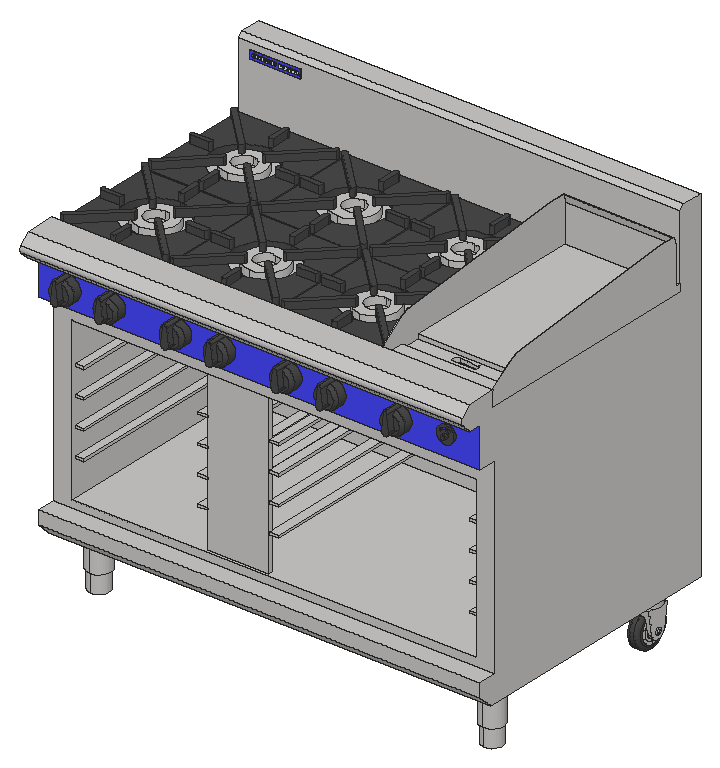
Revit family "QF_MOFFAT_BLUESEAL_CE_G518C-CB", category Specialty Equipment, Revit 2012
Parameters
  Weight in Pounds = 435  # constant formula
  URL Cutsheet = "www.moffat.com"
  URL = "www.moffat.com"
  Type Mark [instance] = ""
  Status [instance] = ""
  Specification by User [instance] = ""
  Specification by Manufacturer = ""
  Show Logo [instance] = yes
  Show Casters [instance] = yes
  Serial Number = ""
  Seismic Rating = ""
  SMACNA No = ""
  Revision Code [instance] = ""
  Omniclass Number and Title = ""
  NAFEM Spec ID Number = ""
  Model = "G518C-CB"
  Mechanical Remarks [instance] = ""
  Mechanical Connection Type [instance] = ""
  Masterspec = ""
  Manufacturer = "MOFFAT BLUESEAL"
  Legs [instance] = not(Show Casters)  # no
  Item Number [instance] = ""
  Installed By [instance] = ""
  Identify Quantity as Lot [instance] = yes
  Gas Size = 3/4"
  Gas RI Height [instance] = 0.0 mm
  Gas KW [instance] = 52.2
  Gas Input [instance] = 178189.0 Btu/h
  Gas Connection Height = 0.0 mm
  Furnished By [instance] = ""
  Foodservice Equipment Identifier [instance] = yes
  Description = "1200MM GAS COOK TOP ON CABINET BASE"
  CSI MasterFormat = ""
  CSI Master Format = ""
  Body Height [instance] = 915.0 mm
  Base Height [instance] = 150.0 mm
Reference planes
  plane 1 "BACK": y = 0
  plane 2: z = 0
  plane 3 "LEFT": x = 0
  plane 4 "RIGHT": x = 1200
  plane 5 "FRONT": y = -812
  plane 6 "TOP": z = 970
  plane 7 "Center Y": x = 600
  plane 8 "Center X": y = -406
  plane 9 "Base Height": z = 150
  plane 10: x = 1134
  plane 11: x = 65
  plane 12: z = 915
  plane 13: z = 1085
  plane 14: y = -100
  plane 15: y = -625
Forms (mm)
  Extrusion 1, solid, material "QF_Finishes_Stainless Steel"
    sketch origin (0, 0, 0) x (0, 1, 0) y (0, 0, 1)
      loop
        line (0, 150) -> (0, 1085) -> (-57.5, 1085) -> (-70, 1072.5) -> (-70, 875) -> (-705, 875) -> (-705, 915) -> (-783.97, 915) -> (-808.485, 890.485)
        arc (-808.485, 890.485) -> (-811.999, 882) -> (-808.485, 873.515) r 12
        line (-808.485, 873.515) -> (-784.97, 850) -> (-749, 850) -> (-749, 740) -> (-135.7, 740) -> (-135.7, 150) -> (0, 150)
      loop
        line (-699, 222.5) -> (-749, 222.5) -> (-749, 186) -> (-713, 150) -> (-699, 150) -> (-699, 222.5)
    from 0 to 1200
  Extrusion 2, solid, material "QF_Finishes_Stainless Steel"
    sketch origin (705, 3, 100) x (1, 0, 0) y (0, 1, 0)
      loop
        circle (365, -35) r 13.5
    from 555 to 599.856
  Revolve 3, solid, material "QF_Finishes_Black"
    sketch origin (89.999, 7, 759.972) x (0, 1, 0) y (0, 0, -1)
      loop
        line (-789, -69.5) -> (-766, -69.5) -> (-766, -42) -> (-756, -42) -> (-756, -37) -> (-800, -37) -> (-800, -63.651) -> (-789, -69.5)
      axis (-800, -37) -> (-756, -37)
    angle from 0 to 360
  Extrusion 4, solid, material "QF_Finishes_Black"
    sketch origin (228.269, 0, 760.13) x (-1, 0, 0) y (0, 0, -1)
      loop
        line (127.85, -26.064) -> (133.27, -68.983)
        arc (133.27, -68.983) -> (138.269, -73.87) -> (143.267, -68.983) r 5
        line (143.267, -68.983) -> (148.756, -24.898)
        arc (148.756, -24.898) -> (137.684, -14.399) -> (127.85, -26.064) r 10.487
    from 759 to 808
  Revolve 5, solid, material "QF_Finishes_Stainless Steel"
    sketch origin (65, -728, 0) x (0, 1, 0) y (0, 0, 1)
      loop
        line (71.25, 150) -> (71.25, 50) -> (75.5, 50) -> (75.5, 0) -> (103, 0) -> (103, 150) -> (71.25, 150)
      axis (103, 150) -> (103, 0)
    angle from 0 to 360
  Revolve 6, solid, material "QF_Finishes_Stainless Steel"
    sketch origin (1134, -728, 0) x (0, 1, 0) y (0, 0, -1)
      loop
        line (71.25, -150) -> (103, -150) -> (103, 0) -> (75.5, 0) -> (75.5, -50) -> (71.25, -50) -> (71.25, -150)
      axis (103, -150) -> (103, 0)
    angle from 0 to 360
  Extrusion 7, solid, material "QF_Finishes_Stainless Steel"
    sketch origin (0, 0, 0) x (1, 0, 0) y (0, 0, 1)
      loop
        line (0, 740) -> (0, 150) -> (1200, 150) -> (1200, 740) -> (0, 740)
      loop
        line (50, 680) -> (50, 242.5) -> (1150, 242.5) -> (1150, 680) -> (50, 680)
    from 135.7 to 699
  Extrusion 8, void
    sketch origin (0, 0, 150) x (-1, 0, 0) y (0, -1, 0)
      loop
        line (-1133.988, 87.26) -> (-1133.988, -30.24) -> (-1004.488, -30.24) -> (-1004.488, 38.76) -> (-1052.988, 87.26) -> (-1133.988, 87.26)
    from 72.5 to 549.856
  Extrusion 9, solid, material "QF_Finishes_Stainless Steel"
    sketch origin (0, -135.7, 735) x (0, 0, 1) y (-1, 0, 0)
      loop
        line (-50, -578.5) -> (-50, -412.5) -> (-492.5, -412.5) -> (-492.5, -578.5) -> (-50, -578.5)
    from 543.302 to 553.302
  Extrusion 10, solid, material "QF_Finishes_Stainless Steel"
    sketch origin (0, -135.7, 735) x (0, 0, 1) y (-1, 0, 0)
      loop
        line (-246.25, -410.75) -> (-239.9, -410.75) -> (-239.9, -385.75) -> (-246.25, -385.75) -> (-246.25, -410.75)
      loop
        line (-321.25, -410.75) -> (-314.9, -410.75) -> (-314.9, -385.75) -> (-321.25, -385.75) -> (-321.25, -410.75)
      loop
        line (-321.25, -50) -> (-321.25, -75) -> (-314.9, -75) -> (-314.9, -50) -> (-321.25, -50)
      loop
        line (-239.9, -75) -> (-239.9, -50) -> (-246.25, -50) -> (-246.25, -75) -> (-239.9, -75)
      loop
        line (-396.25, -410.75) -> (-389.9, -410.75) -> (-389.9, -385.75) -> (-396.25, -385.75) -> (-396.25, -410.75)
      loop
        line (-396.25, -50) -> (-396.25, -75) -> (-389.9, -75) -> (-389.9, -50) -> (-396.25, -50)
      loop
        line (-171.25, -410.75) -> (-164.9, -410.75) -> (-164.9, -385.75) -> (-171.25, -385.75) -> (-171.25, -410.75)
      loop
        line (-164.9, -75) -> (-164.9, -50) -> (-171.25, -50) -> (-171.25, -75) -> (-164.9, -75)
      loop
        line (-246.25, -579.25) -> (-246.25, -604.25) -> (-239.9, -604.25) -> (-239.9, -579.25) -> (-246.25, -579.25)
      loop
        line (-321.25, -579.25) -> (-321.25, -604.25) -> (-314.9, -604.25) -> (-314.9, -579.25) -> (-321.25, -579.25)
      loop
        line (-321.25, -1150) -> (-314.9, -1150) -> (-314.9, -1125) -> (-321.25, -1125) -> (-321.25, -1150)
      loop
        line (-239.9, -1125) -> (-246.25, -1125) -> (-246.25, -1150) -> (-239.9, -1150) -> (-239.9, -1125)
      loop
        line (-396.25, -579.25) -> (-396.25, -604.25) -> (-389.9, -604.25) -> (-389.9, -579.25) -> (-396.25, -579.25)
      loop
        line (-396.25, -1150) -> (-389.9, -1150) -> (-389.9, -1125) -> (-396.25, -1125) -> (-396.25, -1150)
      loop
        line (-171.25, -579.25) -> (-171.25, -604.25) -> (-164.9, -604.25) -> (-164.9, -579.25) -> (-171.25, -579.25)
      loop
        line (-164.9, -1125) -> (-171.25, -1125) -> (-171.25, -1150) -> (-164.9, -1150) -> (-164.9, -1125)
    from 0 to 553.302
  Revolve 11, solid, material "QF_Finishes_Black"
    sketch origin (510.001, 7, 760.028) x (0, 1, 0) y (0, 0, -1)
      loop
        line (-789, -69.5) -> (-766, -69.5) -> (-766, -42) -> (-756, -42) -> (-756, -37) -> (-800, -37) -> (-800, -63.651) -> (-789, -69.5)
      axis (-800, -37) -> (-756, -37)
    angle from 0 to 360
  Extrusion 12, solid, material "QF_Finishes_Black"
    sketch origin (648.27, 0, 760.186) x (-1, 0, 0) y (0, 0, -1)
      loop
        line (127.85, -26.064) -> (133.27, -68.983)
        arc (133.27, -68.983) -> (138.269, -73.87) -> (143.267, -68.983) r 5
        line (143.267, -68.983) -> (148.756, -24.898)
        arc (148.756, -24.898) -> (137.684, -14.399) -> (127.85, -26.064) r 10.487
    from 759 to 808
  Revolve 13, solid, material "QF_Finishes_Black"
    sketch origin (390, 7, 760) x (0, 1, 0) y (0, 0, -1)
      loop
        line (-789, -69.5) -> (-766, -69.5) -> (-766, -42) -> (-756, -42) -> (-756, -37) -> (-800, -37) -> (-800, -63.651) -> (-789, -69.5)
      axis (-800, -37) -> (-756, -37)
    angle from 0 to 360
  Extrusion 14, solid, material "QF_Finishes_Black"
    sketch origin (528.27, 0, 760.158) x (-1, 0, 0) y (0, 0, -1)
      loop
        line (127.85, -26.064) -> (133.27, -68.983)
        arc (133.27, -68.983) -> (138.269, -73.87) -> (143.267, -68.983) r 5
        line (143.267, -68.983) -> (148.756, -24.898)
        arc (148.756, -24.898) -> (137.684, -14.399) -> (127.85, -26.064) r 10.487
    from 759 to 808
  Revolve 15, solid, material "QF_Finishes_Black"
    sketch origin (690, 7, 760) x (0, 1, 0) y (0, 0, -1)
      loop
        line (-789, -69.5) -> (-766, -69.5) -> (-766, -42) -> (-756, -42) -> (-756, -37) -> (-800, -37) -> (-800, -63.651) -> (-789, -69.5)
      axis (-800, -37) -> (-756, -37)
    angle from 0 to 360
  Extrusion 16, solid, material "QF_Finishes_Black"
    sketch origin (828.27, 0, 760.158) x (-1, 0, 0) y (0, 0, -1)
      loop
        line (127.85, -26.064) -> (133.27, -68.983)
        arc (133.27, -68.983) -> (138.269, -73.87) -> (143.267, -68.983) r 5
        line (143.267, -68.983) -> (148.756, -24.898)
        arc (148.756, -24.898) -> (137.684, -14.399) -> (127.85, -26.064) r 10.487
    from 759 to 808
  Revolve 17, solid, material "QF_Finishes_Black"
    sketch origin (990, 7, 760) x (0, 1, 0) y (0, 0, -1)
      loop
        line (-789, -69.5) -> (-766, -69.5) -> (-766, -42) -> (-756, -42) -> (-756, -37) -> (-800, -37) -> (-800, -63.651) -> (-789, -69.5)
      axis (-800, -37) -> (-756, -37)
    angle from 0 to 360
  Extrusion 18, solid, material "QF_Finishes_Black"
    sketch origin (1128.27, 0, 760.158) x (-1, 0, 0) y (0, 0, -1)
      loop
        line (127.85, -26.064) -> (133.27, -68.983)
        arc (133.27, -68.983) -> (138.269, -73.87) -> (143.267, -68.983) r 5
        line (143.267, -68.983) -> (148.756, -24.898)
        arc (148.756, -24.898) -> (137.684, -14.399) -> (127.85, -26.064) r 10.487
    from 759 to 808
  Revolve 19, solid, material "QF_Finishes_Stainless Steel", visible <- "Legs"
    sketch origin (65.5, -166, 0) x (0, 1, 0) y (0, 0, 1)
      loop
        line (34.25, 150) -> (34.25, 50) -> (38.5, 50) -> (38.5, 0) -> (66, 0) -> (66, 150) -> (34.25, 150)
      axis (66, 150) -> (66, 0)
    angle from 0 to 360
  Revolve 20, solid, material "QF_Finishes_Stainless Steel", visible <- "Show Casters"
    sketch origin (16.276, -100.755, -12.8) x (1, 0, 0) y (0, 0, 1)
      loop
        line (14.841, 63.604) -> (83.584, 63.604) -> (83.584, 67.109) -> (82.314, 68.379) -> (80.79, 68.379) -> (80.79, 71.826) -> (68.644, 71.826) -> (68.644, 81.79) -> (65.088, 83.843) -> (63.738, 92.179) -> (65.881, 92.179) -> (65.881, 98.529) -> (65.088, 98.529) -> (65.088, 104.879)
        arc (65.088, 104.879) -> (62.298, 111.614) -> (55.563, 114.404) r 9.525
        line (55.563, 114.404) -> (42.863, 114.404)
        arc (42.863, 114.404) -> (36.127, 111.614) -> (33.338, 104.879) r 9.525
        line (33.338, 104.879) -> (33.338, 98.529) -> (32.544, 98.529) -> (32.544, 92.179) -> (34.687, 92.179) -> (33.352, 83.932) -> (29.782, 81.871) -> (29.782, 71.826) -> (17.635, 71.826) -> (17.635, 68.379) -> (16.111, 68.379) -> (14.841, 67.109) -> (14.841, 63.604)
      axis (14.841, 63.604) -> (83.584, 63.604)
    angle from 0 to 360
  Extrusion 21, solid, material "QF_Finishes_Stainless Steel", visible <- "Show Casters"
    sketch origin (72.001, 132.353, -8.783) x (0, 1, 0) y (0, 0, 1)
      loop
        line (-200.603, 118.783) -> (-264.103, 118.783) -> (-251.746, 53.895)
        arc (-251.746, 53.895) -> (-232.353, 38.783) -> (-212.959, 53.895) r 20
        line (-212.959, 53.895) -> (-200.603, 118.783)
    from -35.667 to 22.923
  Revolve 22, solid, material "QF_Finishes_Stainless Steel", visible <- "Show Casters"
    sketch origin (65.5, -204, 0) x (0, 1, 0) y (0, 0, 1)
      loop
        line (68.25, 150) -> (68.25, 110) -> (104, 110) -> (104, 150) -> (68.25, 150)
      axis (104, 150) -> (104, 110)
    angle from 0 to 360
  Revolve 23, solid, material "QF_Finishes_Stainless Steel", visible <- "Legs"
    sketch origin (65.5, -166, 0) x (0, 1, 0) y (0, 0, 1)
      loop
        line (34.25, 150) -> (34.25, 50) -> (38.5, 50) -> (38.5, 0) -> (66, 0) -> (66, 150) -> (34.25, 150)
      axis (66, 150) -> (66, 0)
    angle from 0 to 360
  Revolve 24, solid, material "QF_Finishes_Stainless Steel", visible <- "Legs"
    sketch origin (1134.5, -166, 0) x (0, 1, 0) y (0, 0, -1)
      loop
        line (34.25, -150) -> (66, -150) -> (66, 0) -> (38.5, 0) -> (38.5, -50) -> (34.25, -50) -> (34.25, -150)
      axis (66, -150) -> (66, 0)
    angle from 0 to 360
  Revolve 25, solid, material "QF_Finishes_Stainless Steel", visible <- "Show Casters"
    sketch origin (1183.724, -100.755, -12.8) x (-1, 0, 0) y (0, 0, -1)
      loop
        line (14.841, -63.604) -> (14.841, -67.109) -> (16.111, -68.379) -> (17.635, -68.379) -> (17.635, -71.826) -> (29.782, -71.826) -> (29.782, -81.871) -> (33.352, -83.932) -> (34.687, -92.179) -> (32.544, -92.179) -> (32.544, -98.529) -> (33.338, -98.529) -> (33.338, -104.879)
        arc (33.338, -104.879) -> (36.127, -111.614) -> (42.863, -114.404) r 9.525
        line (42.863, -114.404) -> (55.563, -114.404)
        arc (55.563, -114.404) -> (62.298, -111.614) -> (65.088, -104.879) r 9.525
        line (65.088, -104.879) -> (65.088, -98.529) -> (65.881, -98.529) -> (65.881, -92.179) -> (63.738, -92.179) -> (65.088, -83.843) -> (68.644, -81.79) -> (68.644, -71.826) -> (80.79, -71.826) -> (80.79, -68.379) -> (82.314, -68.379) -> (83.584, -67.109) -> (83.584, -63.604) -> (14.841, -63.604)
      axis (14.841, -63.604) -> (83.584, -63.604)
    angle from 0 to 360
  Extrusion 26, solid, material "QF_Finishes_Stainless Steel", visible <- "Show Casters"
    sketch origin (1127.999, 132.353, -8.783) x (0, 1, 0) y (0, 0, -1)
      loop
        line (-200.603, -118.783) -> (-212.959, -53.895)
        arc (-212.959, -53.895) -> (-232.353, -38.783) -> (-251.746, -53.895) r 20
        line (-251.746, -53.895) -> (-264.103, -118.783) -> (-200.603, -118.783)
    from -35.667 to 22.923
  Revolve 27, solid, material "QF_Finishes_Stainless Steel", visible <- "Show Casters"
    sketch origin (1134.5, -204, 0) x (0, 1, 0) y (0, 0, -1)
      loop
        line (68.25, -150) -> (104, -150) -> (104, -110) -> (68.25, -110) -> (68.25, -150)
      axis (104, -150) -> (104, -110)
    angle from 0 to 360
  Revolve 28, solid, material "QF_Finishes_Stainless Steel", visible <- "Legs"
    sketch origin (1134.5, -166, 0) x (0, 1, 0) y (0, 0, -1)
      loop
        line (34.25, -150) -> (66, -150) -> (66, 0) -> (38.5, 0) -> (38.5, -50) -> (34.25, -50) -> (34.25, -150)
      axis (66, -150) -> (66, 0)
    angle from 0 to 360
  Extrusion 29, solid, material "QF_Finishes_Black"
    sketch origin (0, -749, 850) x (0, 0, -1) y (1, 0, 0)
      loop
        circle (53, 1110) r 23.9
      loop
        arc (45.641, 1118.419) -> (46.501, 1123.219) -> (41.701, 1124.079) r 3.448
        arc (41.701, 1124.079) -> (35.116, 1109.341) -> (42.919, 1095.209) r 18.095
        arc (42.919, 1095.209) -> (47.641, 1096.491) -> (46.326, 1101.204) r 3.448
        arc (46.326, 1101.204) -> (42.758, 1109.683) -> (45.641, 1118.419) r 13.109
    from 0 to 5
  Extrusion 30, solid, material "QF_Finishes_Black"
    sketch origin (0, -754, 850) x (0, 0, -1) y (1, 0, 0)
      loop
        circle (56.5, 1110) r 5.75
    from 0 to 10
  Revolve 31, solid, material "QF_Finishes_Black"
    sketch origin (210, 7, 760) x (0, 1, 0) y (0, 0, -1)
      loop
        line (-789, -69.5) -> (-766, -69.5) -> (-766, -42) -> (-756, -42) -> (-756, -37) -> (-800, -37) -> (-800, -63.651) -> (-789, -69.5)
      axis (-800, -37) -> (-756, -37)
    angle from 0 to 360
  Extrusion 32, solid, material "QF_Finishes_Black"
    sketch origin (348.27, 0, 760.158) x (-1, 0, 0) y (0, 0, -1)
      loop
        line (127.85, -26.064) -> (133.27, -68.983)
        arc (133.27, -68.983) -> (138.269, -73.87) -> (143.267, -68.983) r 5
        line (143.267, -68.983) -> (148.756, -24.898)
        arc (148.756, -24.898) -> (137.684, -14.399) -> (127.85, -26.064) r 10.487
    from 759 to 808
  Revolve 33, solid, material "QF_Finishes_Black"
    sketch origin (810.001, 7, 760.028) x (0, 1, 0) y (0, 0, -1)
      loop
        line (-789, -69.5) -> (-766, -69.5) -> (-766, -42) -> (-756, -42) -> (-756, -37) -> (-800, -37) -> (-800, -63.651) -> (-789, -69.5)
      axis (-800, -37) -> (-756, -37)
    angle from 0 to 360
  Extrusion 34, solid, material "QF_Finishes_Black"
    sketch origin (948.27, 0, 760.186) x (-1, 0, 0) y (0, 0, -1)
      loop
        line (127.85, -26.064) -> (133.27, -68.983)
        arc (133.27, -68.983) -> (138.269, -73.87) -> (143.267, -68.983) r 5
        line (143.267, -68.983) -> (148.756, -24.898)
        arc (148.756, -24.898) -> (137.684, -14.399) -> (127.85, -26.064) r 10.487
    from 759 to 808
Cuts and joins
  Extrusion 8 cuts Extrusion 1
  joined: Extrusion 1, Extrusion 7
Lines and regions (mm)
  Split face 1
    outline origin (1200, 0, 1085) x (-1, 0, 0) y (0, -1, 0)
      loop
        arc (1167.206, 18.385) -> (1175.866, 23.385) -> (1175.866, 33.385) r 10
        line (1175.866, 33.385) -> (1171.824, 40.385)
        arc (1171.824, 40.385) -> (1168.164, 44.045) -> (1163.164, 45.385) r 10
        line (1163.164, 45.385) -> (935.206, 45.385)
        arc (935.206, 45.385) -> (926.545, 40.385) -> (926.545, 30.385) r 10
        line (926.545, 30.385) -> (930.587, 23.385)
        arc (930.587, 23.385) -> (934.247, 19.725) -> (939.247, 18.385) r 10
        line (939.247, 18.385) -> (1167.206, 18.385)
  Split face 2
    outline origin (1200, 0, 1085) x (-1, 0, 0) y (0, -1, 0)
      loop
        arc (35.206, 45.385) -> (26.545, 40.385) -> (26.545, 30.385) r 10
        line (26.545, 30.385) -> (30.587, 23.385)
        arc (30.587, 23.385) -> (34.247, 19.725) -> (39.247, 18.385) r 10
        line (39.247, 18.385) -> (267.206, 18.385)
        arc (267.206, 18.385) -> (275.866, 23.385) -> (275.866, 33.385) r 10
        line (275.866, 33.385) -> (271.824, 40.385)
        arc (271.824, 40.385) -> (268.164, 44.045) -> (263.164, 45.385) r 10
        line (263.164, 45.385) -> (35.206, 45.385)
  Split face 3
    outline origin (1200, 0, 1085) x (-1, 0, 0) y (0, -1, 0)
      loop
        arc (335.206, 45.385) -> (326.545, 40.385) -> (326.545, 30.385) r 10
        line (326.545, 30.385) -> (330.587, 23.385)
        arc (330.587, 23.385) -> (334.247, 19.725) -> (339.247, 18.385) r 10
        line (339.247, 18.385) -> (567.206, 18.385)
        arc (567.206, 18.385) -> (575.866, 23.385) -> (575.866, 33.385) r 10
        line (575.866, 33.385) -> (571.824, 40.385)
        arc (571.824, 40.385) -> (568.164, 44.045) -> (563.164, 45.385) r 10
        line (563.164, 45.385) -> (335.206, 45.385)
  Split face 4
    outline origin (1200, 0, 1085) x (-1, 0, 0) y (0, -1, 0)
      loop
        arc (867.206, 18.385) -> (875.866, 23.385) -> (875.866, 33.385) r 10
        line (875.866, 33.385) -> (871.824, 40.385)
        arc (871.824, 40.385) -> (868.164, 44.045) -> (863.164, 45.385) r 10
        line (863.164, 45.385) -> (635.206, 45.385)
        arc (635.206, 45.385) -> (626.545, 40.385) -> (626.545, 30.385) r 10
        line (626.545, 30.385) -> (630.587, 23.385)
        arc (630.587, 23.385) -> (634.247, 19.725) -> (639.247, 18.385) r 10
        line (639.247, 18.385) -> (867.206, 18.385)
  symbolic lines
    curve 1: line (1200, -812, 0) -> (1200, 0, 0)
    curve 2: line (0, -812, 0) -> (1200, -812, 0)
    curve 3: line (0, 0, 0) -> (0, -812, 0)
    curve 12: line (632.794, -18.385, 0) -> (860.753, -18.385, 0)
    curve 13: line (560.753, -18.385, 0) -> (332.794, -18.385, 0)
    curve 14: arc (332.794, -18.385, 0) -> (324.134, -23.385, 0) -> (324.134, -33.385, 0) r 10
    curve 15: line (324.134, -33.385, 0) -> (328.176, -40.385, 0)
    curve 16: arc (328.176, -40.385, 0) -> (331.836, -44.045, 0) -> (336.836, -45.385, 0) r 10
    curve 17: line (336.836, -45.385, 0) -> (564.794, -45.385, 0)
    curve 18: arc (564.794, -45.385, 0) -> (573.455, -40.385, 0) -> (573.455, -30.385, 0) r 10
    curve 19: line (573.455, -30.385, 0) -> (569.413, -23.385, 0)
    curve 20: arc (569.413, -23.385, 0) -> (565.753, -19.725, 0) -> (560.753, -18.385, 0) r 10
    curve 21: line (32.794, -18.385, 0) -> (260.753, -18.385, 0)
    curve 22: arc (260.753, -18.385, 0) -> (265.753, -19.725, 0) -> (269.413, -23.385, 0) r 10
    curve 23: line (269.413, -23.385, 0) -> (273.455, -30.385, 0)
    curve 24: arc (273.455, -30.385, 0) -> (273.455, -40.385, 0) -> (264.794, -45.385, 0) r 10
    curve 25: line (264.794, -45.385, 0) -> (36.836, -45.385, 0)
    curve 26: arc (36.836, -45.385, 0) -> (31.836, -44.045, 0) -> (28.176, -40.385, 0) r 10
    curve 27: line (28.176, -40.385, 0) -> (24.134, -33.385, 0)
    curve 28: arc (24.134, -33.385, 0) -> (24.134, -23.385, 0) -> (32.794, -18.385, 0) r 10
    curve 29: line (932.794, -18.385, 0) -> (1160.753, -18.385, 0)
    curve 30: arc (1160.753, -18.385, 0) -> (1165.753, -19.725, 0) -> (1169.413, -23.385, 0) r 10
    curve 31: line (1169.413, -23.385, 0) -> (1173.455, -30.385, 0)
    curve 32: arc (1173.455, -30.385, 0) -> (1173.455, -40.385, 0) -> (1164.794, -45.385, 0) r 10
    curve 33: line (1164.794, -45.385, 0) -> (936.836, -45.385, 0)
    curve 34: arc (936.836, -45.385, 0) -> (931.836, -44.045, 0) -> (928.176, -40.385, 0) r 10
    curve 35: line (928.176, -40.385, 0) -> (924.134, -33.385, 0)
    curve 36: arc (924.134, -33.385, 0) -> (924.134, -23.385, 0) -> (932.794, -18.385, 0) r 10
    curve 37: line (636.836, -45.385, 0) -> (864.794, -45.385, 0)
    curve 38: arc (864.794, -45.385, 0) -> (873.455, -40.385, 0) -> (873.455, -30.385, 0) r 10
    curve 39: line (873.455, -30.385, 0) -> (869.413, -23.385, 0)
    curve 40: arc (869.413, -23.385, 0) -> (865.753, -19.725, 0) -> (860.753, -18.385, 0) r 10
    curve 41: line (860.753, -18.385, 0) -> (632.794, -18.385, 0)
    curve 42: arc (632.794, -18.385, 0) -> (624.134, -23.385, 0) -> (624.134, -33.385, 0) r 10
    curve 43: line (624.134, -33.385, 0) -> (628.176, -40.385, 0)
    curve 44: arc (628.176, -40.385, 0) -> (631.836, -44.045, 0) -> (636.836, -45.385, 0) r 10
    curve 45: line (0, 0, 0) -> (1200, 0, 0)
    curve 46: line (0, -783.97, 0) -> (1200, -783.97, 0)
    curve 47: line (-1, -705, 0) -> (1199, -705, 0)
    curve 48: line (0, -70, 0) -> (1200, -70, 0)
    curve 49: line (0, -57.5, 0) -> (1200, -57.5, 0)
  symbolic lines, style "SpecialityEquipmentHiddenLines", visible <- "Show Casters"
    curve 4: line (78.456, -46.735, 0) -> (105.952, -62.61, 0)
    curve 5: line (27.656, -134.723, 0) -> (78.456, -46.735, 0)
    curve 6: line (55.152, -150.598, 0) -> (27.656, -134.723, 0)
    curve 7: line (105.952, -62.61, 0) -> (55.152, -150.598, 0)
    curve 8: line (1148.456, -46.735, 0) -> (1175.952, -62.61, 0)
    curve 9: line (1097.656, -134.723, 0) -> (1148.456, -46.735, 0)
    curve 10: line (1125.152, -150.598, 0) -> (1097.656, -134.723, 0)
    curve 11: line (1175.952, -62.61, 0) -> (1125.152, -150.598, 0)
Dimensions and locks
  equal spacing: plane 3 "LEFT", plane 7 "Center Y", plane 4 "RIGHT"
  plane 3 "LEFT" to plane 4 "RIGHT" = 1200.0 mm
  equal spacing: plane 5 "FRONT", plane 8 "Center X", plane 1 "BACK"
  plane 5 "FRONT" to plane 1 "BACK" = 812.0 mm
  "Base Height": plane 9 "Base Height" to level
  plane 6 "TOP" to level = 970.0 mm
  plane 10 to plane 11 = 1069.0 mm
  level to Extrusion 2 = 655.0 mm
  Extrusion 8 to Extrusion 8 = 477.356 mm
  plane 13 to plane 2 = 1085.0 mm
  Extrusion 2 sketch curve to plane 1 "BACK" = 32.0 mm
  Revolve 20 sketch curve to Revolve 20 sketch curve = 50.8 mm
  Revolve 25 sketch curve to Revolve 25 sketch curve = 50.8 mm
  aligned and locked: level to plane 2
Automatic sketch dimensions
  curve 2 to plane 3 "LEFT" = 0.0 mm
  curve 2 to plane 4 "RIGHT" = 0.0 mm
  plane 5 "FRONT" to curve 3 = 0.0 mm
  plane 1 "BACK" to curve 3 = 0.0 mm
  curve 47 to plane 3 "LEFT" = 1.0 mm
  plane 3 "LEFT" to curve 27 = 24.134 mm
  plane 3 "LEFT" to curve 5 = 27.656 mm
  curve 28 to curve 27 = 4.041 mm
  curve 28 to curve 28 = 8.66 mm
  curve 26 to curve 25 = 8.66 mm
  curve 7 to plane 11 = 9.848 mm
  plane 11 to curve 4 = 13.456 mm
  plane 1 "BACK" to curve 22 = 28.385 mm
  curve 4 to curve 22 = 154.801 mm
  curve 22 to curve 25 = 4.041 mm
  plane 1 "BACK" to curve 23 = 23.385 mm
  curve 22 to curve 23 = 8.66 mm
  plane 1 "BACK" to curve 23 = 30.385 mm
  curve 22 to curve 23 = 4.041 mm
  curve 23 to curve 14 = 50.679 mm
  plane 1 "BACK" to curve 15 = 40.385 mm
  curve 15 to curve 15 = 4.041 mm
  curve 14 to curve 13 = 8.66 mm
  curve 15 to curve 17 = 8.66 mm
  curve 20 to plane 7 "Center Y" = 39.247 mm
  curve 20 to curve 17 = 4.041 mm
  curve 20 to curve 19 = 8.66 mm
  curve 19 to curve 18 = 4.041 mm
  plane 7 "Center Y" to curve 42 = 24.134 mm
  curve 42 to curve 44 = 4.041 mm
  curve 43 to curve 42 = 8.66 mm
  curve 44 to curve 37 = 8.66 mm
  plane 1 "BACK" to curve 40 = 18.385 mm
  curve 44 to curve 40 = 223.917 mm
  curve 40 to curve 38 = 4.041 mm
  curve 40 to curve 40 = 8.66 mm
  curve 39 to curve 38 = 4.041 mm
  plane 1 "BACK" to curve 35 = 33.385 mm
  curve 39 to curve 35 = 50.679 mm
  plane 1 "BACK" to curve 35 = 40.385 mm
  curve 36 to curve 35 = 4.041 mm
  curve 36 to curve 36 = 8.66 mm
  curve 36 to curve 34 = 4.041 mm
  curve 10 to plane 10 = 36.344 mm
  curve 11 to plane 10 = 8.848 mm
  plane 10 to curve 8 = 14.456 mm
  plane 10 to curve 29 = 26.753 mm
  curve 8 to curve 33 = 16.339 mm
  curve 29 to curve 30 = 8.66 mm
  curve 31 to curve 31 = 4.041 mm
  plane 4 "RIGHT" to curve 47 = 1.0 mm
  curve 46 to plane 5 "FRONT" = 28.03 mm
  curve 46 to curve 47 = 78.97 mm
  plane 14 to curve 7 = 50.598 mm
  plane 14 to curve 10 = 50.598 mm
  curve 10 to curve 10 = 15.875 mm
  curve 6 to curve 5 = 15.875 mm
  curve 48 to plane 14 = 30.0 mm
  curve 48 to curve 49 = 12.5 mm
  curve 37 to curve 12 = 27.0 mm
  curve 25 to curve 21 = 27.0 mm
  curve 16 to curve 15 = 5.0 mm
  curve 34 to curve 34 = 5.0 mm
  curve 25 to curve 27 = 5.0 mm
  curve 37 to curve 44 = 5.0 mm
  curve 33 to curve 32 = 10.0 mm
  curve 17 to curve 18 = 10.0 mm
  curve 37 to curve 38 = 10.0 mm
  curve 26 to curve 27 = 7.0 mm
  curve 16 to curve 14 = 7.0 mm  (x2)
  curve 43 to curve 43 = 7.0 mm
  curve 38 to curve 40 = 7.0 mm
  curve 18 to curve 20 = 7.0 mm
  curve 34 to curve 36 = 7.0 mm
  curve 32 to curve 30 = 7.0 mm
  Extrusion 1 sketch curve to plane 12 = 0.0 mm
  Extrusion 1 sketch curve to plane 9 "Base Height" = 0.0 mm  (x2)
  Extrusion 1 sketch curve to plane 13 = 0.0 mm
  Extrusion 1 sketch curve to plane 1 "BACK" = 0.0 mm
  Extrusion 1 sketch curve to plane 14 = 42.5 mm
  Extrusion 1 sketch curve to plane 13 = 12.5 mm
  Extrusion 1 sketch curve to Extrusion 1 sketch curve = 12.5 mm
  plane 14 to Extrusion 1 sketch curve = 35.7 mm
  plane 15 to Extrusion 1 sketch curve = 74.0 mm
  Extrusion 1 sketch curve to plane 12 = 40.0 mm
  plane 15 to Extrusion 1 sketch curve = 80.0 mm
  Extrusion 1 sketch curve to Extrusion 1 sketch curve = 14.0 mm
  Extrusion 1 sketch curve to plane 5 "FRONT" = 63.0 mm
  Extrusion 1 sketch curve to Extrusion 1 sketch curve = 50.0 mm
  Extrusion 1 sketch curve to plane 5 "FRONT" = 28.03 mm
  Extrusion 1 sketch curve to plane 5 "FRONT" = 27.03 mm
  Extrusion 1 sketch curve to plane 5 "FRONT" = 12.001 mm
  Extrusion 1 sketch curve to plane 5 "FRONT" = 3.515 mm  (x2)
  plane 9 "Base Height" to Extrusion 1 sketch curve = 36.0 mm
  Extrusion 1 sketch curve to Extrusion 1 sketch curve = 36.5 mm
  Extrusion 1 sketch curve to Extrusion 1 sketch curve = 135.0 mm
  Extrusion 1 sketch curve to Extrusion 1 sketch curve = 25.0 mm
  Extrusion 1 sketch curve to Extrusion 1 sketch curve = 23.515 mm
  Extrusion 1 sketch curve to Extrusion 1 sketch curve = 8.485 mm
  Extrusion 2 sketch curve to plane 10 = 64.0 mm
  Revolve 3 sketch curve to plane 5 "FRONT" = 19.0 mm
  Revolve 3 sketch curve to Revolve 3 sketch curve = 0.0 mm  (x2)
  Revolve 3 sketch curve to Revolve 3 sketch curve = 11.0 mm
  Revolve 3 sketch curve to Revolve 3 sketch curve = 12.7 mm
  Revolve 3 sketch curve to Revolve 3 sketch curve = 23.0 mm
  Revolve 3 sketch curve to Revolve 3 sketch curve = 10.0 mm
  Revolve 3 sketch curve to plane 12 = 85.528 mm
  Revolve 3 sketch curve to Revolve 3 sketch curve = 5.849 mm
  Revolve 3 sketch curve to Revolve 3 sketch curve = 27.5 mm
  Revolve 3 sketch curve to Revolve 3 sketch curve = 5.0 mm
  plane 11 to Extrusion 4 sketch curve = 35.419 mm
  plane 11 to Extrusion 4 sketch curve = 29.999 mm
  Extrusion 4 sketch curve to Extrusion 4 sketch curve = 10.419 mm
  Extrusion 4 sketch curve to Extrusion 4 sketch curve = 4.999 mm  (x2)
  Extrusion 4 sketch curve to Extrusion 4 sketch curve = 10.487 mm
  Extrusion 4 sketch curve to plane 12 = 85.887 mm
  Extrusion 4 sketch curve to Extrusion 4 sketch curve = 0.113 mm
  Extrusion 4 sketch curve to Extrusion 4 sketch curve = 42.919 mm
  Extrusion 4 sketch curve to Extrusion 4 sketch curve = 1.167 mm
  Revolve 5 sketch curve to plane 9 "Base Height" = 0.0 mm
  Revolve 5 sketch curve to level = 0.0 mm
  Revolve 5 sketch curve to plane 15 = 0.0 mm  (x2)
  plane 15 to Revolve 5 sketch curve = 27.5 mm
  plane 15 to Revolve 5 sketch curve = 31.75 mm
  Revolve 5 sketch curve to Revolve 5 sketch curve = 55.0 mm
  level to Revolve 5 sketch curve = 50.0 mm
  Revolve 5 sketch curve to Revolve 5 sketch curve = 0.0 mm
  Revolve 6 sketch curve to plane 9 "Base Height" = 0.0 mm
  Revolve 6 sketch curve to level = 0.0 mm
  Revolve 6 sketch curve to plane 15 = 0.0 mm  (x2)
  plane 15 to Revolve 6 sketch curve = 27.5 mm
  plane 15 to Revolve 6 sketch curve = 31.75 mm
  level to Revolve 6 sketch curve = 50.0 mm
  Revolve 6 sketch curve to Revolve 6 sketch curve = 0.0 mm
  Revolve 6 sketch curve to Revolve 6 sketch curve = 55.0 mm
  Extrusion 7 sketch curve to plane 3 "LEFT" = 0.0 mm
  plane 4 "RIGHT" to Extrusion 7 sketch curve = 0.0 mm
  Extrusion 7 sketch curve to plane 9 "Base Height" = 0.0 mm
  Extrusion 7 sketch curve to plane 11 = 15.0 mm
  plane 10 to Extrusion 7 sketch curve = 16.0 mm
  plane 9 "Base Height" to Extrusion 7 sketch curve = 92.5 mm
  Extrusion 7 sketch curve to plane 12 = 235.0 mm
  Extrusion 7 sketch curve to Extrusion 7 sketch curve = 60.0 mm
  Extrusion 8 sketch curve to plane 10 = 0.012 mm
  Extrusion 8 sketch curve to plane 14 = 12.74 mm
  Extrusion 8 sketch curve to Extrusion 8 sketch curve = 81.0 mm
  Extrusion 8 sketch curve to Extrusion 8 sketch curve = 48.5 mm
  plane 1 "BACK" to Extrusion 8 sketch curve = 38.76 mm
  Extrusion 8 sketch curve to plane 1 "BACK" = 30.24 mm
  Extrusion 9 sketch curve to Extrusion 1 = 92.5 mm
  Extrusion 1 to Extrusion 9 sketch curve = 55.0 mm
  Extrusion 1 to Extrusion 9 sketch curve = 578.5 mm
  Extrusion 9 sketch curve to Extrusion 9 sketch curve = 166.0 mm
  Extrusion 1 to Extrusion 10 sketch curve = 75.0 mm  (x2)
  Extrusion 10 sketch curve to Extrusion 1 = 188.75 mm  (x3)
  Extrusion 10 sketch curve to Extrusion 10 sketch curve = 0.0 mm  (x9)
  Extrusion 1 to Extrusion 10 sketch curve = 50.0 mm  (x4)
  Extrusion 10 sketch curve to Extrusion 10 sketch curve = 6.35 mm  (x16)
  Extrusion 10 sketch curve to Extrusion 10 sketch curve = 68.65 mm  (x12)
  Extrusion 10 sketch curve to Extrusion 10 sketch curve = 25.0 mm  (x16)
  Extrusion 10 sketch curve to Extrusion 10 sketch curve = 520.75 mm
  Extrusion 10 sketch curve to Extrusion 10 sketch curve = 168.5 mm
  Revolve 11 sketch curve to plane 5 "FRONT" = 19.0 mm
  Revolve 11 sketch curve to Revolve 11 sketch curve = 0.0 mm  (x2)
  Revolve 11 sketch curve to Revolve 11 sketch curve = 11.0 mm
  Revolve 11 sketch curve to Revolve 11 sketch curve = 12.7 mm
  Revolve 11 sketch curve to Revolve 11 sketch curve = 23.0 mm
  Revolve 11 sketch curve to Revolve 11 sketch curve = 10.0 mm
  Revolve 11 sketch curve to plane 12 = 85.472 mm
  Revolve 11 sketch curve to Revolve 11 sketch curve = 5.849 mm
  Revolve 11 sketch curve to Revolve 11 sketch curve = 27.5 mm
  Revolve 11 sketch curve to Revolve 11 sketch curve = 5.0 mm
  Extrusion 12 sketch curve to plane 7 "Center Y" = 79.579 mm
  Extrusion 12 sketch curve to Extrusion 12 sketch curve = 5.421 mm
  Extrusion 12 sketch curve to Extrusion 12 sketch curve = 10.419 mm
  Extrusion 12 sketch curve to Extrusion 12 sketch curve = 4.999 mm  (x2)
  Extrusion 12 sketch curve to plane 12 = 85.831 mm
  Extrusion 12 sketch curve to Extrusion 12 sketch curve = 10.487 mm
  Extrusion 12 sketch curve to Extrusion 12 sketch curve = 0.113 mm
  Extrusion 12 sketch curve to Extrusion 12 sketch curve = 42.919 mm
  Extrusion 12 sketch curve to Extrusion 12 sketch curve = 1.167 mm
  Revolve 13 sketch curve to plane 5 "FRONT" = 19.0 mm
  Revolve 13 sketch curve to Revolve 13 sketch curve = 0.0 mm  (x2)
  Revolve 13 sketch curve to Revolve 13 sketch curve = 11.0 mm
  Revolve 13 sketch curve to Revolve 13 sketch curve = 12.7 mm
  Revolve 13 sketch curve to Revolve 13 sketch curve = 23.0 mm
  Revolve 13 sketch curve to Revolve 13 sketch curve = 10.0 mm
  Revolve 13 sketch curve to plane 12 = 85.5 mm
  Revolve 13 sketch curve to Revolve 13 sketch curve = 5.849 mm
  Revolve 13 sketch curve to Revolve 13 sketch curve = 27.5 mm
  Revolve 13 sketch curve to Revolve 13 sketch curve = 5.0 mm
  Extrusion 14 sketch curve to plane 7 "Center Y" = 199.58 mm
  Extrusion 14 sketch curve to Extrusion 14 sketch curve = 5.421 mm
  Extrusion 14 sketch curve to Extrusion 14 sketch curve = 10.419 mm
  Extrusion 14 sketch curve to Extrusion 14 sketch curve = 4.999 mm  (x2)
  Extrusion 14 sketch curve to plane 12 = 85.859 mm
  Extrusion 14 sketch curve to Extrusion 14 sketch curve = 10.487 mm
  Extrusion 14 sketch curve to Extrusion 14 sketch curve = 0.113 mm
  Extrusion 14 sketch curve to Extrusion 14 sketch curve = 42.919 mm
  Extrusion 14 sketch curve to Extrusion 14 sketch curve = 1.167 mm
  Revolve 15 sketch curve to plane 5 "FRONT" = 19.0 mm
  Revolve 15 sketch curve to Revolve 15 sketch curve = 0.0 mm  (x2)
  Revolve 15 sketch curve to Revolve 15 sketch curve = 11.0 mm
  Revolve 15 sketch curve to Revolve 15 sketch curve = 12.7 mm
  Revolve 15 sketch curve to Revolve 15 sketch curve = 23.0 mm
  Revolve 15 sketch curve to Revolve 15 sketch curve = 10.0 mm
  Revolve 15 sketch curve to plane 12 = 85.5 mm
  Revolve 15 sketch curve to Revolve 15 sketch curve = 5.849 mm
  Revolve 15 sketch curve to Revolve 15 sketch curve = 27.5 mm
  Revolve 15 sketch curve to Revolve 15 sketch curve = 5.0 mm
  plane 7 "Center Y" to Extrusion 16 sketch curve = 100.42 mm
  Extrusion 16 sketch curve to Extrusion 16 sketch curve = 5.421 mm
  Extrusion 16 sketch curve to Extrusion 16 sketch curve = 10.419 mm
  Extrusion 16 sketch curve to Extrusion 16 sketch curve = 4.999 mm  (x2)
  Extrusion 16 sketch curve to Extrusion 16 sketch curve = 10.487 mm
  Extrusion 16 sketch curve to plane 12 = 85.859 mm
  Extrusion 16 sketch curve to Extrusion 16 sketch curve = 0.113 mm
  Extrusion 16 sketch curve to Extrusion 16 sketch curve = 42.919 mm
  Extrusion 16 sketch curve to Extrusion 16 sketch curve = 1.167 mm
  Revolve 17 sketch curve to plane 5 "FRONT" = 19.0 mm
  Revolve 17 sketch curve to Revolve 17 sketch curve = 0.0 mm  (x2)
  Revolve 17 sketch curve to Revolve 17 sketch curve = 11.0 mm
  Revolve 17 sketch curve to Revolve 17 sketch curve = 12.7 mm
  Revolve 17 sketch curve to Revolve 17 sketch curve = 23.0 mm
  Revolve 17 sketch curve to Revolve 17 sketch curve = 10.0 mm
  Revolve 17 sketch curve to plane 12 = 85.5 mm
  Revolve 17 sketch curve to Revolve 17 sketch curve = 5.849 mm
  Revolve 17 sketch curve to Revolve 17 sketch curve = 27.5 mm
  Revolve 17 sketch curve to Revolve 17 sketch curve = 5.0 mm
  Extrusion 18 sketch curve to plane 10 = 133.58 mm
  Extrusion 18 sketch curve to Extrusion 18 sketch curve = 5.421 mm
  Extrusion 18 sketch curve to Extrusion 18 sketch curve = 10.419 mm
  Extrusion 18 sketch curve to Extrusion 18 sketch curve = 4.999 mm  (x2)
  Extrusion 18 sketch curve to plane 12 = 85.859 mm
  Extrusion 18 sketch curve to Extrusion 18 sketch curve = 10.487 mm
  Extrusion 18 sketch curve to Extrusion 18 sketch curve = 0.113 mm
  Extrusion 18 sketch curve to Extrusion 18 sketch curve = 42.919 mm
  Extrusion 18 sketch curve to Extrusion 18 sketch curve = 1.167 mm
  Split face 1 sketch curve to cut or joined group of Extrusion 1, Extrusion 7, Extrusion 8 = 27.115 mm
  Split face 1 sketch curve to cut or joined group of Extrusion 1, Extrusion 7, Extrusion 8 = 273.455 mm
  Split face 1 sketch curve to Split face 1 sketch curve = 4.041 mm  (x4)
  Split face 1 sketch curve to Split face 1 sketch curve = 8.66 mm  (x2)
  Split face 1 sketch curve to cut or joined group of Extrusion 1, Extrusion 7, Extrusion 8 = 12.115 mm
  Split face 1 sketch curve to cut or joined group of Extrusion 1, Extrusion 7, Extrusion 8 = 36.836 mm
  Split face 1 sketch curve to Split face 1 sketch curve = 7.0 mm  (x3)
  Split face 1 sketch curve to Split face 1 sketch curve = 17.0 mm
  Split face 2 sketch curve to cut or joined group of Extrusion 1, Extrusion 7, Extrusion 8 = 26.545 mm
  Split face 2 sketch curve to Split face 2 sketch curve = 4.041 mm  (x4)
  Split face 2 sketch curve to Split face 2 sketch curve = 8.66 mm  (x2)
  Split face 2 sketch curve to cut or joined group of Extrusion 1, Extrusion 7, Extrusion 8 = 22.115 mm
  Split face 2 sketch curve to Split face 2 sketch curve = 223.917 mm
  Split face 2 sketch curve to cut or joined group of Extrusion 1, Extrusion 7, Extrusion 8 = 17.115 mm
  Split face 2 sketch curve to Split face 2 sketch curve = 10.0 mm
  Split face 2 sketch curve to Split face 2 sketch curve = 7.0 mm  (x3)
  Split face 3 sketch curve to cut or joined group of Extrusion 1, Extrusion 7, Extrusion 8 = 27.115 mm
  Split face 3 sketch curve to cut or joined group of Extrusion 1, Extrusion 7, Extrusion 8 = 326.545 mm
  Split face 3 sketch curve to cut or joined group of Extrusion 1, Extrusion 7, Extrusion 8 = 23.385 mm
  Split face 3 sketch curve to Split face 3 sketch curve = 4.041 mm  (x3)
  Split face 3 sketch curve to Split face 3 sketch curve = 8.66 mm  (x3)
  Split face 3 sketch curve to cut or joined group of Extrusion 1, Extrusion 7, Extrusion 8 = 12.115 mm
  Split face 3 sketch curve to Split face 3 sketch curve = 223.917 mm
  Split face 3 sketch curve to cut or joined group of Extrusion 1, Extrusion 7, Extrusion 8 = 17.115 mm
  Split face 3 sketch curve to cut or joined group of Extrusion 1, Extrusion 7, Extrusion 8 = 24.115 mm
  Split face 3 sketch curve to Split face 3 sketch curve = 5.0 mm
  Split face 4 sketch curve to cut or joined group of Extrusion 1, Extrusion 7, Extrusion 8 = 27.115 mm
  Split face 4 sketch curve to cut or joined group of Extrusion 1, Extrusion 7, Extrusion 8 = 573.455 mm
  Split face 4 sketch curve to Split face 4 sketch curve = 4.041 mm  (x4)
  Split face 4 sketch curve to Split face 4 sketch curve = 8.66 mm  (x2)
  Split face 4 sketch curve to cut or joined group of Extrusion 1, Extrusion 7, Extrusion 8 = 12.115 mm
  Split face 4 sketch curve to Split face 4 sketch curve = 223.917 mm
  Split face 4 sketch curve to Split face 4 sketch curve = 7.0 mm  (x3)
  Split face 4 sketch curve to Split face 4 sketch curve = 17.0 mm
  Revolve 19 sketch curve to plane 9 "Base Height" = 0.0 mm
  Revolve 19 sketch curve to level = 0.0 mm
  Revolve 19 sketch curve to plane 14 = 0.0 mm  (x2)
  Revolve 19 sketch curve to Revolve 19 sketch curve = 27.5 mm
  Revolve 19 sketch curve to Revolve 19 sketch curve = 31.75 mm
  Revolve 19 sketch curve to Revolve 19 sketch curve = 55.0 mm
  level to Revolve 19 sketch curve = 50.0 mm
  Revolve 19 sketch curve to Revolve 19 sketch curve = 0.0 mm
  plane 3 "LEFT" to Revolve 20 sketch curve = 31.118 mm
  Revolve 20 sketch curve to Revolve 20 sketch curve = 1.27 mm  (x4)
  Revolve 20 sketch curve to Revolve 20 sketch curve = 1.524 mm  (x2)
  Revolve 20 sketch curve to Revolve 20 sketch curve = 12.146 mm  (x2)
  Revolve 20 sketch curve to plane 11 = 16.18 mm
  Revolve 20 sketch curve to Revolve 20 sketch curve = 0.794 mm  (x2)
  Revolve 20 sketch curve to Revolve 20 sketch curve = 3.57 mm
  Revolve 20 sketch curve to Revolve 20 sketch curve = 2.143 mm
  Revolve 20 sketch curve to plane 11 = 5.861 mm
  plane 11 to Revolve 20 sketch curve = 5.63 mm
  plane 11 to Revolve 20 sketch curve = 6.839 mm
  plane 11 to Revolve 20 sketch curve = 15.015 mm
  Revolve 20 sketch curve to Revolve 20 sketch curve = 1.349 mm  (x2)
  Revolve 20 sketch curve to Revolve 20 sketch curve = 3.556 mm
  Revolve 20 sketch curve to Revolve 20 sketch curve = 33.32 mm
  level to Revolve 20 sketch curve = 50.804 mm
  Revolve 20 sketch curve to Revolve 20 sketch curve = 0.0 mm
  Revolve 20 sketch curve to Revolve 20 sketch curve = 3.505 mm  (x2)
  Revolve 20 sketch curve to Revolve 20 sketch curve = 3.447 mm  (x2)
  Revolve 20 sketch curve to Revolve 20 sketch curve = 9.964 mm
  Revolve 20 sketch curve to Revolve 20 sketch curve = 10.045 mm
  Revolve 20 sketch curve to Revolve 20 sketch curve = 2.053 mm
  Revolve 20 sketch curve to Revolve 20 sketch curve = 2.061 mm
  Revolve 20 sketch curve to Revolve 20 sketch curve = 8.247 mm
  Revolve 20 sketch curve to Revolve 20 sketch curve = 8.336 mm
  Revolve 20 sketch curve to Revolve 20 sketch curve = 6.35 mm  (x2)
  Extrusion 21 sketch curve to plane 14 = 0.0 mm
  plane 14 to Extrusion 21 sketch curve = 19.393 mm
  plane 14 to Extrusion 21 sketch curve = 31.75 mm
  Extrusion 21 sketch curve to plane 14 = 19.393 mm
  Extrusion 21 sketch curve to plane 14 = 31.75 mm
  level to Extrusion 21 sketch curve = 45.111 mm
  Extrusion 21 sketch curve to Extrusion 21 sketch curve = 4.889 mm
  Extrusion 21 sketch curve to plane 9 "Base Height" = 40.0 mm
  Revolve 22 sketch curve to plane 9 "Base Height" = 0.0 mm
  Revolve 22 sketch curve to plane 14 = 0.0 mm  (x2)
  plane 14 to Revolve 22 sketch curve = 35.75 mm
  Revolve 22 sketch curve to plane 9 "Base Height" = 40.0 mm
  level to Revolve 22 sketch curve = 50.0 mm
  Revolve 22 sketch curve to level = 55.0 mm
  Revolve 23 sketch curve to plane 9 "Base Height" = 0.0 mm
  Revolve 23 sketch curve to level = 0.0 mm
  Revolve 23 sketch curve to plane 14 = 0.0 mm  (x2)
  Revolve 23 sketch curve to Revolve 23 sketch curve = 27.5 mm
  Revolve 23 sketch curve to Revolve 23 sketch curve = 31.75 mm
  Revolve 23 sketch curve to Revolve 23 sketch curve = 55.0 mm
  level to Revolve 23 sketch curve = 50.0 mm
  Revolve 23 sketch curve to Revolve 23 sketch curve = 0.0 mm
  Revolve 24 sketch curve to plane 9 "Base Height" = 0.0 mm
  Revolve 24 sketch curve to level = 0.0 mm
  Revolve 24 sketch curve to plane 14 = 0.0 mm  (x2)
  Revolve 24 sketch curve to Revolve 24 sketch curve = 27.5 mm
  Revolve 24 sketch curve to Revolve 24 sketch curve = 31.75 mm
  level to Revolve 24 sketch curve = 50.0 mm
  Revolve 24 sketch curve to Revolve 24 sketch curve = 0.0 mm
  Revolve 24 sketch curve to Revolve 24 sketch curve = 55.0 mm
  plane 4 "RIGHT" to Revolve 25 sketch curve = 31.118 mm
  Revolve 25 sketch curve to Revolve 25 sketch curve = 1.27 mm  (x4)
  Revolve 25 sketch curve to Revolve 25 sketch curve = 1.524 mm  (x2)
  Revolve 25 sketch curve to Revolve 25 sketch curve = 12.146 mm  (x2)
  Revolve 25 sketch curve to Revolve 25 sketch curve = 2.762 mm
  Revolve 25 sketch curve to Revolve 25 sketch curve = 0.794 mm  (x2)
  Revolve 25 sketch curve to Revolve 25 sketch curve = 3.57 mm
  Revolve 25 sketch curve to Revolve 25 sketch curve = 2.143 mm
  plane 10 to Revolve 25 sketch curve = 6.861 mm
  Revolve 25 sketch curve to plane 10 = 4.63 mm
  Revolve 25 sketch curve to plane 10 = 5.839 mm
  Revolve 25 sketch curve to plane 10 = 14.015 mm
  Revolve 25 sketch curve to Revolve 25 sketch curve = 1.349 mm  (x2)
  Revolve 25 sketch curve to Revolve 25 sketch curve = 3.556 mm
  Revolve 25 sketch curve to Revolve 25 sketch curve = 33.32 mm
  Revolve 25 sketch curve to plane 9 "Base Height" = 48.396 mm
  Revolve 25 sketch curve to Revolve 25 sketch curve = 6.35 mm  (x4)
  Revolve 25 sketch curve to Revolve 25 sketch curve = 8.247 mm
  Revolve 25 sketch curve to Revolve 25 sketch curve = 8.336 mm
  Revolve 25 sketch curve to Revolve 25 sketch curve = 2.061 mm
  Revolve 25 sketch curve to Revolve 25 sketch curve = 2.053 mm
  Revolve 25 sketch curve to Revolve 25 sketch curve = 10.045 mm
  Revolve 25 sketch curve to Revolve 25 sketch curve = 9.964 mm
  Revolve 25 sketch curve to Revolve 25 sketch curve = 3.447 mm  (x2)
  Revolve 25 sketch curve to Revolve 25 sketch curve = 3.505 mm
  Extrusion 26 sketch curve to plane 14 = 0.0 mm
  plane 14 to Extrusion 26 sketch curve = 19.393 mm
  plane 14 to Extrusion 26 sketch curve = 31.75 mm
  Extrusion 26 sketch curve to plane 14 = 19.393 mm
  Extrusion 26 sketch curve to plane 14 = 31.75 mm
  Extrusion 26 sketch curve to plane 9 "Base Height" = 40.0 mm
  level to Extrusion 26 sketch curve = 50.0 mm
  Extrusion 26 sketch curve to Extrusion 26 sketch curve = 4.889 mm
  Revolve 27 sketch curve to plane 9 "Base Height" = 0.0 mm
  Revolve 27 sketch curve to plane 14 = 0.0 mm  (x2)
  plane 14 to Revolve 27 sketch curve = 35.75 mm
  Revolve 27 sketch curve to plane 9 "Base Height" = 40.0 mm
  level to Revolve 27 sketch curve = 50.0 mm
  Revolve 27 sketch curve to level = 55.0 mm
  Revolve 28 sketch curve to plane 9 "Base Height" = 0.0 mm
  Revolve 28 sketch curve to level = 0.0 mm
  Revolve 28 sketch curve to plane 14 = 0.0 mm  (x2)
  Revolve 28 sketch curve to Revolve 28 sketch curve = 27.5 mm
  Revolve 28 sketch curve to Revolve 28 sketch curve = 31.75 mm
  level to Revolve 28 sketch curve = 50.0 mm
  Revolve 28 sketch curve to Revolve 28 sketch curve = 0.0 mm
  Revolve 28 sketch curve to Revolve 28 sketch curve = 55.0 mm
  Extrusion 1 to Extrusion 29 sketch curve = 41.701 mm
  Extrusion 29 sketch curve to Extrusion 29 sketch curve = 1.218 mm
  Extrusion 29 sketch curve to Extrusion 29 sketch curve = 1.97 mm  (x2)
  Extrusion 29 sketch curve to Extrusion 29 sketch curve = 1.724 mm
  Extrusion 29 sketch curve to Extrusion 29 sketch curve = 1.683 mm
  Extrusion 29 sketch curve to Extrusion 29 sketch curve = 6.674 mm
  Extrusion 29 sketch curve to Extrusion 29 sketch curve = 0.195 mm
  Extrusion 29 sketch curve to Extrusion 29 sketch curve = 2.662 mm
  Extrusion 1 to Extrusion 29 sketch curve = 104.791 mm
  Extrusion 29 sketch curve to Extrusion 29 sketch curve = 2.986 mm
  Extrusion 29 sketch curve to Extrusion 29 sketch curve = 8.796 mm
  Extrusion 29 sketch curve to Extrusion 29 sketch curve = 0.103 mm
  Extrusion 29 sketch curve to Extrusion 29 sketch curve = 0.102 mm
  Revolve 31 sketch curve to plane 5 "FRONT" = 19.0 mm
  Revolve 31 sketch curve to Revolve 31 sketch curve = 0.0 mm  (x2)
  Revolve 31 sketch curve to Revolve 31 sketch curve = 11.0 mm
  Revolve 31 sketch curve to Revolve 31 sketch curve = 12.7 mm
  Revolve 31 sketch curve to Revolve 31 sketch curve = 23.0 mm
  Revolve 31 sketch curve to Revolve 31 sketch curve = 10.0 mm
  Revolve 31 sketch curve to plane 12 = 85.5 mm
  Revolve 31 sketch curve to Revolve 31 sketch curve = 5.849 mm
  Revolve 31 sketch curve to Revolve 31 sketch curve = 27.5 mm
  Revolve 31 sketch curve to Revolve 31 sketch curve = 5.0 mm
  plane 11 to Extrusion 32 sketch curve = 155.42 mm
  Extrusion 32 sketch curve to Extrusion 32 sketch curve = 5.421 mm
  Extrusion 32 sketch curve to Extrusion 32 sketch curve = 10.419 mm
  Extrusion 32 sketch curve to Extrusion 32 sketch curve = 4.999 mm  (x2)
  Extrusion 32 sketch curve to plane 12 = 85.859 mm
  Extrusion 32 sketch curve to Extrusion 32 sketch curve = 10.487 mm
  Extrusion 32 sketch curve to Extrusion 32 sketch curve = 0.113 mm
  Extrusion 32 sketch curve to Extrusion 32 sketch curve = 42.919 mm
  Extrusion 32 sketch curve to Extrusion 32 sketch curve = 1.167 mm
  Revolve 33 sketch curve to plane 5 "FRONT" = 19.0 mm
  Revolve 33 sketch curve to Revolve 33 sketch curve = 0.0 mm  (x2)
  Revolve 33 sketch curve to Revolve 33 sketch curve = 11.0 mm
  Revolve 33 sketch curve to Revolve 33 sketch curve = 12.7 mm
  Revolve 33 sketch curve to Revolve 33 sketch curve = 23.0 mm
  Revolve 33 sketch curve to Revolve 33 sketch curve = 10.0 mm
  Revolve 33 sketch curve to plane 12 = 85.472 mm
  Revolve 33 sketch curve to Revolve 33 sketch curve = 5.849 mm
  Revolve 33 sketch curve to Revolve 33 sketch curve = 27.5 mm
  Revolve 33 sketch curve to Revolve 33 sketch curve = 5.0 mm
  plane 7 "Center Y" to Extrusion 34 sketch curve = 220.421 mm
  Extrusion 34 sketch curve to Extrusion 34 sketch curve = 5.421 mm
  Extrusion 34 sketch curve to Extrusion 34 sketch curve = 10.419 mm
  Extrusion 34 sketch curve to Extrusion 34 sketch curve = 4.999 mm  (x2)
  Extrusion 34 sketch curve to plane 12 = 85.831 mm
  Extrusion 34 sketch curve to Extrusion 34 sketch curve = 10.487 mm
  Extrusion 34 sketch curve to Extrusion 34 sketch curve = 0.113 mm
  Extrusion 34 sketch curve to Extrusion 34 sketch curve = 42.919 mm
  Extrusion 34 sketch curve to Extrusion 34 sketch curve = 1.167 mm
  radius of Extrusion 2 sketch curve = 13.5 mm
  radius of Extrusion 29 sketch curve = 23.9 mm
  radius of Extrusion 30 sketch curve = 5.75 mm
Nested families
  nested 1: "WALDORF LOGO_FACE BASE" at (32, -70, 1056.885) x (1, 0, 0) z (0, -1, 0), visible <- "Show Logo", type "WALDORF LOGO_FACE BASE", detail levels medium+fine
    with Show Logo yes
  nested 2: "GAS BURNER 900 & GRIDDLE 300" at (0, -70, 875), type "GAS BURNER 900 & GRIDDLE 300"
    with Width 1200.0 mm, Type Mark "", Status "", Specification by User "", Revision Code "", Item Number "", Installed By "", Identify Quantity as Lot yes, Furnished By "", Foodservice Equipment Identifier yes, Depth 635.0 mm
Connectors
  piping at (1070, -32, 655)
    settings: on Extrusion 2, index 1, connector radius 0.37402", flow factor 0, pipe flow 0 GPM, pressure drop 0.00 psi, fitting loss kfactor 0, connector angle 0.00°, fixture units 0, engagement length 0.0 mm, flow configuration 1, flow direction 1, fitting loss method 0, system type 7, joint type 0, gender type 0, connector reference index -1, connector utility 0, adjustable connector no, is connector primary yes, fitting loss table "", connector description "GAS CONNECTION"
Definition of nested family "WALDORF LOGO_FACE BASE"
  Parameters (values of type "WALDORF LOGO_FACE BASE")
    Show Logo [instance] = yes
    Default Elevation = 1219.2 mm
  Reference planes
    plane 1 "Center (Front/Back)": y = 0
    plane 2: z = 0
    plane 3 "Center (Left/Right)": x = 0
  Forms (mm)
    Extrusion 1, solid
      sketch origin (0, 0, 0) x (1, 0, 0) y (0, 1, 0)
        loop
          line (-1219.2, 1219.2) -> (-1219.2, -1219.2) -> (1219.2, -1219.2) -> (1219.2, 1219.2) -> (-1219.2, 1219.2)
      from 0 to -304.8
    Extrusion 2, solid, material "QF_Finishes_Blue", visible <- "Show Logo"
      sketch origin (0, -33.217, 0) x (1, 0, 0) y (0, 1, 0)
        loop
          arc (138, 31.942) -> (137.626, 32.844) -> (136.724, 33.217) r 1.276
          line (136.724, 33.217) -> (1.29, 33.217)
          arc (1.29, 33.217) -> (0.378, 32.839) -> (0, 31.927) r 1.29
          line (0, 31.927) -> (0, 11.507)
          arc (0, 11.507) -> (0.378, 10.595) -> (1.29, 10.217) r 1.29
          line (1.29, 10.217) -> (136.71, 10.217)
          arc (136.71, 10.217) -> (137.622, 10.595) -> (138, 11.507) r 1.29
          line (138, 11.507) -> (138, 31.942)
      from 0 to 1.588
    Extrusion 3, solid, material "QF_Finishes_White", visible <- "Show Logo"
      sketch origin (0, -33.217, 1.588) x (1, 0, 0) y (0, 1, 0)
        loop
          arc (108.946, 25.919) -> (107.613, 25.367) -> (107.061, 24.034) r 1.885
          line (107.061, 24.034) -> (107.061, 17.211) -> (112.704, 17.211) -> (112.704, 19.129) -> (115.546, 19.129) -> (115.546, 17.211) -> (121.584, 17.211) -> (121.584, 24.075)
          arc (121.584, 24.075) -> (121.043, 25.379) -> (119.739, 25.919) r 1.845
          line (119.739, 25.919) -> (108.946, 25.919)
        loop
          line (123.478, 25.919) -> (123.478, 17.163) -> (134.904, 17.163) -> (134.904, 19.129) -> (129.246, 19.129) -> (129.246, 25.919) -> (123.478, 25.919)
        loop
          line (112.704, 21.258) -> (115.546, 21.258) -> (115.546, 22.702)
          arc (115.546, 22.702) -> (115.344, 23.188) -> (114.858, 23.389) r 0.687
          line (114.858, 23.389) -> (113.363, 23.389)
          arc (113.363, 23.389) -> (112.897, 23.196) -> (112.704, 22.73) r 0.658
          line (112.704, 22.73) -> (112.704, 21.258)
        loop
          line (105.071, 25.919) -> (93.771, 25.919) -> (93.771, 17.163) -> (105.071, 17.163) -> (105.071, 19.063) -> (99.535, 19.063) -> (99.535, 20.437) -> (105.071, 20.437) -> (105.071, 22.278) -> (99.535, 22.278) -> (99.535, 23.587) -> (105.071, 23.587) -> (105.071, 25.919)
        loop
          line (91.104, 25.919) -> (79.541, 25.919)
          arc (79.541, 25.919) -> (78.558, 25.513) -> (78.152, 24.53) r 1.389
          line (78.152, 24.53) -> (78.152, 22.08)
          arc (78.152, 22.08) -> (78.558, 21.098) -> (79.541, 20.691) r 1.389
          line (79.541, 20.691) -> (86.346, 20.691) -> (86.346, 18.864) -> (83.266, 18.864) -> (83.266, 19.664) -> (78.152, 19.664) -> (78.152, 18.553)
          arc (78.152, 18.553) -> (78.558, 17.57) -> (79.541, 17.163) r 1.389
          line (79.541, 17.163) -> (91.063, 17.163)
          arc (91.063, 17.163) -> (92.045, 17.57) -> (92.452, 18.553) r 1.389
          line (92.452, 18.553) -> (92.452, 20.691)
          arc (92.452, 20.691) -> (92.045, 21.673) -> (91.063, 22.08) r 1.389
          line (91.063, 22.08) -> (83.266, 22.08) -> (83.266, 23.984) -> (86.346, 23.984) -> (86.346, 22.743) -> (92.452, 22.743) -> (92.452, 24.571)
          arc (92.452, 24.571) -> (92.057, 25.524) -> (91.104, 25.919) r 1.348
        loop
          line (70.705, 25.919) -> (59.405, 25.919) -> (59.405, 17.163) -> (70.705, 17.163) -> (70.705, 19.063) -> (65.169, 19.063) -> (65.169, 20.437) -> (70.705, 20.437) -> (70.705, 22.278) -> (65.169, 22.278) -> (65.169, 23.587) -> (70.705, 23.587) -> (70.705, 25.919)
        loop
          line (57.598, 25.919) -> (51.7, 25.919) -> (51.7, 20.18)
          arc (51.7, 20.18) -> (50.63, 19.11) -> (49.56, 20.18) r 1.07
          line (49.56, 20.18) -> (49.56, 25.919) -> (43.663, 25.919) -> (43.663, 19.049)
          arc (43.663, 19.049) -> (44.215, 17.716) -> (45.548, 17.163) r 1.885
          line (45.548, 17.163) -> (55.71, 17.163)
          arc (55.71, 17.163) -> (57.045, 17.716) -> (57.598, 19.051) r 1.887
          line (57.598, 19.051) -> (57.598, 25.919)
        loop
          line (31.62, 25.919) -> (31.62, 17.163) -> (43.046, 17.163) -> (43.046, 19.129) -> (37.388, 19.129) -> (37.388, 25.919) -> (31.62, 25.919)
        loop
          line (15.969, 25.919) -> (15.969, 17.163) -> (28.693, 17.163)
          arc (28.693, 17.163) -> (29.812, 17.627) -> (30.276, 18.746) r 1.582
          line (30.276, 18.746) -> (30.276, 20.447) -> (29.48, 21.243) -> (30.276, 22.039) -> (30.276, 24.332)
          arc (30.276, 24.332) -> (29.811, 25.454) -> (28.688, 25.919) r 1.587
          line (28.688, 25.919) -> (15.969, 25.919)
        loop
          line (21.449, 24.159) -> (21.449, 22.436) -> (23.862, 22.436)
